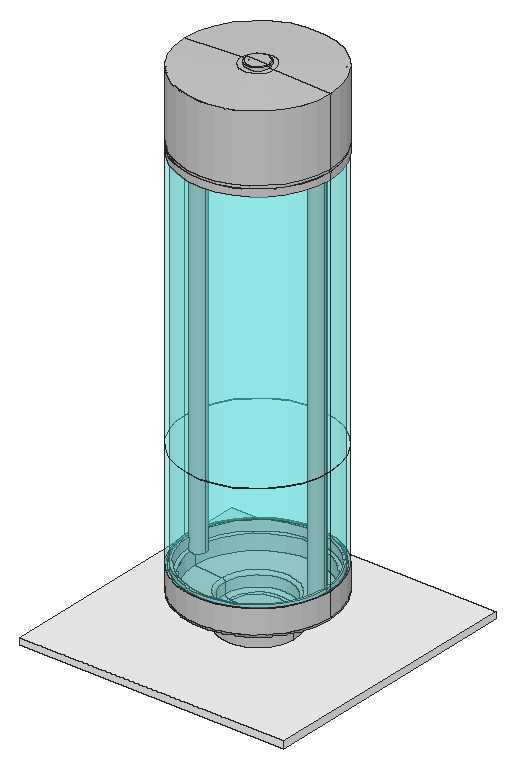
Revit family "BE_84101_de_DE", category Leuchten, Revit 2020
Family settings
  Basisbauteil = Fläche
  Bemaßung runder Anschluss = Durchmesser verwenden
  Teiletyp = Normal
  Beim Laden mit Abzugskörper schneiden = Ja
  Lichtquelle = Ja
  Gemeinsam genutzt = Nein
  Raumberechnungspunkt = Ja
Parameters (values of type "BEGA_84101_Silber_K4")
  built-in parameter 1150104 = 18.181 (stored number, unit not read)
  Wattage = 46.8 W
  Default Elevation = 0 mm
  built-in parameter 1150113 = 1 (stored number, unit not read)
  built-in parameter 1114218 = 1 (stored number, unit not read)
  Umgebungstemperatur = "25 °C"
  URL = "https://www.bega.com/de/produkt/84101"
  Typenkommentare = "© 2022 BEGA. Wir behalten uns das Recht vor, technische Änderungen ohne vorherige Ankündigung vorzunehmen."  # constant formula
  Type Image = 84101.png
  built-in parameter 1150134 = 12
  built-in parameter 1150109 = 1 (stored number, unit not read)
  Strom = ""
  built-in parameter 1150110 = 1 (stored number, unit not read)
  Spannung = 239.996 V
  Sonderanfertigung = no
  Seriennummer [instance] = "Hier können Sie die eindeutige Seriennummer für das Facility Management eintragen."
  Schutzklasse = "I"
  Schutzart = "IP 65"
  Scheinlast = 0 VA
  Produktdatenblatt = "https://cdn.bega.com/bega/products/84101K3/current/documents/data-sheets/de"
  Oberflächentemperatur = ""
  Neigungswinkel = 0.00°
  Modell = "84101AK4"
  Material_17 = BEGA_Reflektor
  Material_15 = BEGA_Leuchtmedium_matt
  Material_12 = BEGA_Kunststoff_klar
  Material_11 = BEGA_Glas_opal
  Material_09 = BEGA_Glas_klar
  Material_06 = BEGA_Oberfläche_Edelstahl_gebürstet
  Material_03 = BEGA_Oberfläche_Weiss_matt
  Material_02 = BEGA_Oberfläche_Silber_matt
  Material_01 [instance] = BEGA_Oberfläche_Grafit_matt
  M_W = no
  M_G = no
  M_A = yes
  Logo = 0
  built-in parameter 1114217 = 1 (stored number, unit not read)
  built-in parameter 1150139 = (empty or 0)
  built-in parameter 1150105 = 2707.8 (stored number, unit not read)
  built-in parameter 1150114 = 1 (stored number, unit not read)
  Lumens = 9158.76 lm
  built-in parameter 1150115 = 1 (stored number, unit not read)
  Leuchtenlichtstrom = "6459 lm"
  Leuchtenanzahl = ""
  Lebensdauerkriterien = "L70B50 @ 25 °C = 200000 h"
  Lastklassifizierung = Beleuchtung
  built-in parameter 1150112 = 1 (stored number, unit not read)
  Lampenlichtstrom = "9160 lm"
  Lampe = "LED 46.8 W"
  LED_Modulbezeichnung = "LED-0501/840"
  built-in parameter 1150142 = (empty or 0)
  Hersteller = "BEGA"  # constant formula
  Halbstreuwinkel = ""
  Gewicht = "10.0 kg"
  Gebrauchslageneinschränkung [instance] = ""
  Frequenz = "0/50-60 Hz"
  Farbwiedergabeindex = "CRI > 80"
  Farbtemperaturverschiebung bei Dämpfen der Lampe = <Keine Auswahl>
  Farbtemperatur = "4000 K"
  Color Filter = 16777215
  built-in parameter 1150133 = 10 (stored number, unit not read)
  Energieeffizienzklasse = "LED A++ - A"
  built-in parameter 1150137 = (empty or 0)
  built-in parameter 1150132 = (empty or 0)
  ENEC = "ja"
  Dimmbar [instance] = "DALI"
  Datei für fotometrisches Netz = "BE_84101K4.IES"
  CE_Konformität = "ja"
  Bestellnummer = "84101AK4"
  Beschreibung_Sonderanfertigung = "Hier können Sie Informationen zur Sonderanfertigung eintragen."
  Beschreibung = "Aufsatzleuchte"
  built-in parameter 1150106 = 27.078 (stored number, unit not read)
  Befestigungsbohrung = ""
  Befestigungsabstand = ""
  Ballwurfsicher = ""
  BEGA_Intern_aus = yes
  BEGA_Intern_an = yes
  BEGA_Intern_Konstruktion = yes
  BEGA_Intern = yes
  BEGA_IES = yes
  BEGA_Dummy = no
  Anschlussleitung = "7.0 m X05BQ-F 5 G 1 mm²"
  Anschlussleistung [instance] = "52 W"
  Anschlusskasten = ""
  built-in parameter 1150107 = 4000 (stored number, unit not read)
  built-in parameter 1150102 = (empty or 0)
  built-in parameter 1150138 = (empty or 0)
  Aktualisierung = "2022-05-19T04:00:07"
  Abstand_zur_angestrahlten_Fläche [instance] = ""
  AC/DC = "AC/DC"
Types (4, lengths in mm): name | built-in parameter 1150104 | built-in parameter 1150134 | Modell | M_G | M_A | built-in parameter 1150105 | Lumens | Leuchtenlichtstrom | Lampenlichtstrom | LED_Modulbezeichnung | built-in parameter 1150142 | Farbtemperatur | Datei für fotometrisches Netz | Bestellnummer | built-in parameter 1150106 | built-in parameter 1150107
  BEGA_84101_Silber_K3 | 17.679 (stored number, unit not read) | (empty or 0) | "84101AK3" | no | yes | 2633.1 (stored number, unit not read) | 8906.04 lm | "6279 lm" | "8905 lm" | "LED-0501/830" | (empty or 0) | "3000 K" | "BE_84101K3.IES" | "84101AK3" | 26.331 (stored number, unit not read) | 3000 (stored number, unit not read)
  BEGA_84101_Silber_K4 | 18.181 (stored number, unit not read) | 12 | "84101AK4" | no | yes | 2707.8 (stored number, unit not read) | 9158.76 lm | "6459 lm" | "9160 lm" | "LED-0501/840" | (empty or 0) | "4000 K" | "BE_84101K4.IES" | "84101AK4" | 27.078 (stored number, unit not read) | 4000 (stored number, unit not read)
  BEGA_84101_Grafit_K4 | 18.181 (stored number, unit not read) | 12 | "84101K4" | yes | no | 2707.8 (stored number, unit not read) | 9158.76 lm | "6459 lm" | "9160 lm" | "LED-0501/840" | (empty or 0) | "4000 K" | "BE_84101K4.IES" | "84101K4" | 27.078 (stored number, unit not read) | 4000 (stored number, unit not read)
  BEGA_84101_Grafit_K3 | 17.679 (stored number, unit not read) | (empty or 0) | "84101K3" | yes | no | 708.72 (stored number, unit not read) | 8906.04 lm | "6279 lm" | "8905 lm" | "LED-0501/830" | "IESNA:LM-63-1995\r\n[TEST] \r\n[MANUFAC] BEGA\r\n[MORE] Converted by LUMCat V \r\n[MORE] 01.09.2015 / H.R.\r\n[LUMCAT] \r\n[LUMINAIRE] 84101K3\r\n[LAMPCAT] LED  46,8W\r\n[LAMPCAT] LED  46,8W    6279 lm,   52 W\r\n[LAMP] LED  46,8W\r\nTILT=NONE\r\n1    6279 1.0 73 1 1 2 -0.220 0.000 0.560\r\n1.0 1.0 52\r\n   0.0   2.5   5.0   7.5  10.0  12.5  15.0  17.5  20.0  22.5  25.0  27.5  30.0\r\n  32.5  35.0  37.5  40.0  42.5  45.0  47.5  50.0  52.5  55.0  57.5  60.0  62.5\r\n  65.0  67.5  70.0  72.5  75.0  77.5  80.0  82.5  85.0  87.5  90.0  92.5  95.0\r\n  97.5 100.0 102.5 105.0 107.5 110.0 112.5 115.0 117.5 120.0 122.5 125.0 127.5\r\n 130.0 132.5 135.0 137.5 140.0 142.5 145.0 147.5 150.0 152.5 155.0 157.5 160.0\r\n 162.5 165.0 167.5 170.0 172.5 175.0 177.5 180.0\r\n   0.0\r\n       0.1       0.6       6.6      21.2      44.9     121.3     309.5     670.8\r\n     767.2     820.5     872.9     935.4     965.8    1005.0    1029.8    1036.5\r\n    1068.5    1149.6    1275.1    1391.7    1511.9    1613.2    1712.2    1801.8\r\n    1856.4    1827.2    1709.8    1532.0    1301.4    1032.9     698.6     411.5\r\n     275.0     193.0     120.4      49.6       9.5       7.2       5.7       4.6\r\n       4.0       3.5       3.1       3.1       3.0       3.0       3.0       2.9\r\n       3.0       3.1       3.2       3.3       3.6       3.9       4.2       4.5\r\n       4.7       5.0       5.4       5.7       5.9       6.0       6.1       6.0\r\n       5.7       4.9       3.8       2.6       1.4       0.5       0.1       0.0\r\n       0.0\r\n" | "3000 K" | "BE_84101K3.IES" | "84101K3" | 7.0872 (stored number, unit not read) | 3000 (stored number, unit not read)
Reference planes
  plane 1 "Mitte (Vorne/Hinten)": y = 0
  plane 2: z = 0
  plane 3 "Mitte (Links/Rechts)": x = 0
  plane 4 "Links": x = -110
  plane 5 "Rechts": x = 110
  plane 6 "Unten": y = -110
  plane 7 "Oben": y = 110
  plane 8 "Vorne": z = 766
  plane 9 "Hinten": z = -110
Forms (mm)
  Extrusion 1, solid, material "BEGA_Platte_Weiss"
    sketch origin (0, -1119.2, 0) x (1, 0, 0) y (0, 1, 0)
      loop
        line (-200, 1319.2) -> (-200, 919.2) -> (200, 919.2) -> (200, 1319.2) -> (-200, 1319.2)
    from 0 to -10
  Extrusion 2, solid, material "BEGA_Dummy_matt", visible <- "BEGA_Dummy"
    sketch origin (77.149, -76.023, 0) x (1, 0, 0) y (0, 1, 0)
      loop
        circle (-77.149, 76.023) r 110
    from 0 to 766
Dimensions and locks
  plane 1 "Mitte (Vorne/Hinten)" to Extrusion 1 = 200 mm
  aligned and locked: plane 2 to Extrusion 1
  aligned and locked: level to Extrusion 1
Nested families
  nested 1: "BE_84101" at (0, 0, 0), type "BE_84101"
Connectors
  electrical at (0, 0, 0), driven by "Lastklassifizierung", driven by "Spannung", driven by "Scheinlast"
    settings: index 1, voltage 239.996 V, apparent load 0 VA, apparent load phase1 0 VA, apparent load phase2 0 VA, apparent load phase3 0 VA, power factor 1, load classification "Beleuchtung", number of poles 1, system type 31, power factor state 1, is connector primary yes, connector utility no, sub classification motor no, connector description ""
Definition of nested family "BE_84101"
  Parameters (values of type "BE_84101")
    Default Elevation = 1 mm
    URL = "http://www.bega.de/de/produkt"
    Type Comments = "© 2015 BEGA. Wir behalten uns das Recht vor, technische Änderungen ohne vorherige Ankündigung vorzunehmen. "  # constant formula
    Type Image = (empty or 0)
    Neigungswinkel_um_Z2 = 0.00°
    Neigungswinkel_um_Z1 = 0.00°
    Neigungswinkel_um_Y2 = 0.00°
    Neigungswinkel_um_Y1 = 0.00°
    Neigungswinkel_um_X2 = 0.00°
    Neigungswinkel_um_X1 = 0.00°
    Material_17 = none
    Material_15 = none
    Material_12 = none
    Material_11 = none
    Material_09 = none
    Material_06 = none
    Material_02 = none
    Material_01 = none
    M_W = yes
    M_G = yes
    M_A = yes
    Länge_Platte = 200 mm  # constant formula
    Höhe_Platte = -10 mm  # constant formula
    Manufacturer = "BEGA"  # constant formula
    Drehwinkel_um_Z2 = 0.00°
    Drehwinkel_um_Z1 = 0.00°
    Breite_Platte = 200 mm  # constant formula
  Reference planes
    plane 1 "Mitte (Oben/Unten)": y = 0
    plane 2: z = 0
    plane 3 "Mitte (Links/Rechts)": x = 0
    plane 4 "Vorne": z = 200
    plane 5 "Rechts": x = 110
    plane 6 "Oben": y = 110
    plane 7 "Unten": y = -110
    plane 8: z = 766
    plane 9: z = -110
    plane 10: x = -110
  Forms (mm)
    Extrusion 1, solid, detail levels medium
      sketch origin (0, 0, 0) x (1, 0, 0) y (0, 1, 0)
        loop
          line (-100, 100) -> (-100, -100) -> (100, -100) -> (100, 100) -> (-100, 100)
      from 0 to -10 <- "Höhe_Platte"
    Revolve 2, solid, material <- "Material_01", visible <- "M_G"
      sketch origin (0, 0, 0) x (1, 0, 0) y (0, 0, 1)
        loop
          line (-55, -110) -> (-40.094, -110) -> (-38.75, 0) -> (-33, 0) -> (-32.511, 14) -> (-12.105, 14) -> (-12, 11) -> (0, 11) -> (0, 19) -> (-40.719, 19) -> (-44.656, 19)
          arc (-44.656, 19) -> (-48.107, 20.382) -> (-49.651, 23.763) r 5
          line (-49.651, 23.763) -> (-49.921, 39.268)
          arc (-49.921, 39.268) -> (-51.264, 42.591) -> (-54.485, 44.162) r 5
          line (-54.485, 44.162) -> (-95.122, 47.717) -> (-95.4, 70.5) -> (-101.5, 70.5) -> (-101.753, 85) -> (-104.5, 85) -> (-104.5, 76.5) -> (-108.25, 76.5) -> (-108.25, 83) -> (-110, 83) -> (-110, 47.657)
          arc (-110, 47.657) -> (-108.946, 44.96) -> (-106.349, 43.681) r 4
          line (-106.349, 43.681) -> (-58.651, 39.508)
          arc (-58.651, 39.508) -> (-56.054, 38.228) -> (-55, 35.531) r 4
          line (-55, 35.531) -> (-55, -110)
        axis (0, -110) -> (0, 85)
      angle from 0 to 360
    Revolve 3, solid, material <- "Material_12"
      sketch origin (0, 0, 0) x (1, 0, 0) y (0, 0, 1)
        loop
          line (-110, 245.248) -> (-110, 83) -> (-107.5, 83) -> (-107.5, 78.549) -> (-105, 78.549) -> (-105, 648.755) -> (-107.5, 648.755) -> (-107.5, 642.636) -> (-110, 642.636) -> (-110, 245.248)
        axis (0, 648.755) -> (0, 78.549)
      angle from 0 to 360
    Revolve 4, solid, material <- "Material_01", visible <- "M_G"
      sketch origin (0, 0, 144.898) x (1, 0, 0) y (0, 0, 1)
        loop
          line (-109, 507.739) -> (-110, 507.739) -> (-110, 497.739) -> (-108.25, 497.739) -> (-108.25, 504.239) -> (-104.45, 504.239) -> (-104.45, 495.239) -> (-99.017, 495.239) -> (-97.568, 536.739) -> (-16.755, 536.739) -> (-10.319, 573.239) -> (0, 573.239) -> (0, 586.739) -> (-12, 586.739) -> (-19.758, 542.739) -> (-98.284, 542.739) -> (-100.64, 542.739)
          arc (-100.64, 542.739) -> (-102.686, 541.933) -> (-103.632, 539.948) r 3
          line (-103.632, 539.948) -> (-104.5, 527.54) -> (-104.5, 512.739) -> (-109, 512.739) -> (-109, 507.739)
        axis (0, 495.239) -> (0, 586.739)
      angle from 0 to 360
    Revolve 5, solid, material <- "Material_01", visible <- "M_G"
      sketch origin (0, 0, 144.898) x (1, 0, 0) y (0, 0, 1)
        loop
          line (-110, 613.434) -> (-110, 512.739) -> (-108.6, 512.739) -> (-105, 516.339) -> (-105, 609.606) -> (-24.93, 612.402) -> (-13.002, 612.402)
          arc (-13.002, 612.402) -> (-9.467, 613.867) -> (-8.002, 617.402) r 5
          line (-8.002, 617.402) -> (-8, 618.402) -> (-10, 618.402) -> (-10, 616.402) -> (-25, 616.402) -> (-110, 613.434)
        axis (0, 512.739) -> (0, 618.402)
      angle from 0 to 360
    Revolve 6, solid, material <- "Material_06"
      sketch origin (0, 0, 144.898) x (1, 0, 0) y (0, 0, 1)
        loop
          line (0, 621.102) -> (-16.5, 621.102) -> (-17.5, 620.102) -> (-17.5, 616.602) -> (-11, 616.602) -> (-11, 619.302) -> (-7.5, 619.302) -> (-7.5, 592.902) -> (0, 592.902) -> (0, 621.102)
        axis (0, 621.102) -> (0, 592.902)
      angle from 0 to 360
    Revolve 7, solid, material <- "Material_17"
      sketch origin (0, 0, 0) x (1, 0, 0) y (0, 0, 1)
        loop
          line (-80.782, 672.637) -> (-81, 677.636) -> (-81.999, 677.593) -> (-81.78, 672.572)
          arc (-81.78, 672.572) -> (-78.254, 657.27) -> (-70.619, 643.549) r 56
          arc (-70.619, 643.549) -> (-70.439, 641.645) -> (-72.063, 640.636) r 1.816
          line (-72.063, 640.636) -> (-83, 640.636) -> (-83, 639.636) -> (-72.062, 639.636)
          arc (-72.062, 639.636) -> (-69.543, 641.201) -> (-69.822, 644.153) r 2.816
          arc (-69.822, 644.153) -> (-77.317, 657.619) -> (-80.782, 672.637) r 55
        axis (0, 639.636) -> (0, 677.636)
      angle from 0 to 360
    Revolve 8, solid, material <- "Material_15"
      sketch origin (0, 0, 0) x (1, 0, 0) y (0, 0, 1)
        loop
          line (-72.75, 679.836) -> (-72.75, 679.043) -> (-67.318, 679.043) -> (-67.318, 679.836) -> (-72.75, 679.836)
        axis (0, 679.043) -> (0, 680.043)
      angle from 0 to 360
    Extrusion 9, solid, material <- "Material_06"
      sketch origin (0, 0, 0) x (1, 0, 0) y (0, 1, 0)
        loop
          circle (-90, 0) r 11.038
        loop
          circle (90, 0) r 11.038
      from 70.5 to 639.636
    Revolve 10, solid, material <- "Material_02", visible <- "M_A"
      sketch origin (0, 0, 0) x (1, 0, 0) y (0, 0, 1)
        loop
          line (-55, -110) -> (-40.094, -110) -> (-38.75, 0) -> (-33, 0) -> (-32.511, 14) -> (-12.105, 14) -> (-12, 11) -> (0, 11) -> (0, 19) -> (-40.719, 19) -> (-44.656, 19)
          arc (-44.656, 19) -> (-48.107, 20.382) -> (-49.651, 23.763) r 5
          line (-49.651, 23.763) -> (-49.921, 39.268)
          arc (-49.921, 39.268) -> (-51.264, 42.591) -> (-54.485, 44.162) r 5
          line (-54.485, 44.162) -> (-95.122, 47.717) -> (-95.4, 70.5) -> (-101.5, 70.5) -> (-101.753, 85) -> (-104.5, 85) -> (-104.5, 76.5) -> (-108.25, 76.5) -> (-108.25, 83) -> (-110, 83) -> (-110, 47.657)
          arc (-110, 47.657) -> (-108.946, 44.96) -> (-106.349, 43.681) r 4
          line (-106.349, 43.681) -> (-58.651, 39.508)
          arc (-58.651, 39.508) -> (-56.054, 38.228) -> (-55, 35.531) r 4
          line (-55, 35.531) -> (-55, -110)
        axis (0, -110) -> (0, 85)
      angle from 0 to 360
    Revolve 11, solid, material <- "Material_02", visible <- "M_A"
      sketch origin (0, 0, 144.898) x (1, 0, 0) y (0, 0, 1)
        loop
          line (-109, 507.739) -> (-110, 507.739) -> (-110, 497.739) -> (-108.25, 497.739) -> (-108.25, 504.239) -> (-104.45, 504.239) -> (-104.45, 495.239) -> (-99.017, 495.239) -> (-97.568, 536.739) -> (-16.755, 536.739) -> (-10.319, 573.239) -> (0, 573.239) -> (0, 586.739) -> (-12, 586.739) -> (-19.758, 542.739) -> (-98.284, 542.739) -> (-100.64, 542.739)
          arc (-100.64, 542.739) -> (-102.686, 541.933) -> (-103.632, 539.948) r 3
          line (-103.632, 539.948) -> (-104.5, 527.54) -> (-104.5, 512.739) -> (-109, 512.739) -> (-109, 507.739)
        axis (0, 495.239) -> (0, 586.739)
      angle from 0 to 360
    Revolve 12, solid, material <- "Material_02", visible <- "M_A"
      sketch origin (0, 0, 144.898) x (1, 0, 0) y (0, 0, 1)
        loop
          line (-110, 613.434) -> (-110, 512.739) -> (-108.6, 512.739) -> (-105, 516.339) -> (-105, 609.606) -> (-24.93, 612.402) -> (-13.002, 612.402)
          arc (-13.002, 612.402) -> (-9.467, 613.867) -> (-8.002, 617.402) r 5
          line (-8.002, 617.402) -> (-8, 618.402) -> (-10, 618.402) -> (-10, 616.402) -> (-25, 616.402) -> (-110, 613.434)
        axis (0, 512.739) -> (0, 618.402)
      angle from 0 to 360
    Extrusion 13, void
      sketch origin (0, 0, 0) x (0, 1, 0) y (0, 0, 1)
        loop
          circle (0, -30) r 4.2
        loop
          circle (0, -90) r 4.2
      from 29.895 to 64.479
    Extrusion 14, void
      sketch origin (0.027, 0.026, 0) x (0.866025, -0.5, 0) y (0, 0, 1)
        loop
          circle (0, -30) r 4.2
        loop
          circle (0, -90) r 4.2
      from 29.895 to 64.479
    Extrusion 15, void
      sketch origin (0.027, -0.026, 0) x (-0.866025, -0.5, 0) y (0, 0, 1)
        loop
          circle (0, -30) r 4.2
        loop
          circle (0, -90) r 4.2
      from 29.895 to 64.479
  Cuts and joins
    Extrusion 13, Extrusion 14, Extrusion 15 cuts Revolve 2
    Extrusion 13, Extrusion 14, Extrusion 15 cuts Revolve 10
  Dimensions and locks
    equal spacing: Extrusion 1 sketch curve, plane 3 "Mitte (Links/Rechts)", Extrusion 1 sketch curve
    equal spacing: Extrusion 1 sketch curve, plane 1 "Mitte (Oben/Unten)", Extrusion 1 sketch curve
    "Länge_Platte": Extrusion 1 sketch curve to Extrusion 1 sketch curve
    "Breite_Platte": Extrusion 1 sketch curve to Extrusion 1 sketch curve
    aligned and locked: plane 2 to Extrusion 1
    aligned and locked: level to Extrusion 1
  Automatic sketch dimensions
    Revolve 2 sketch curve to level = 0 mm
    Revolve 2 sketch curve to plane 3 "Mitte (Links/Rechts)" = 0 mm  (x2)
    Revolve 2 sketch curve to plane 3 "Mitte (Links/Rechts)" = 12 mm
    Revolve 2 sketch curve to Revolve 2 sketch curve = 0.105 mm
    Revolve 2 sketch curve to Revolve 2 sketch curve = 20.406 mm
    Revolve 2 sketch curve to Revolve 2 sketch curve = 0.489 mm
    Revolve 2 sketch curve to Revolve 2 sketch curve = 5.75 mm
    Revolve 2 sketch curve to plane 3 "Mitte (Links/Rechts)" = 40.094 mm
    Revolve 2 sketch curve to Revolve 2 sketch curve = 12.145 mm
    level to Revolve 2 sketch curve = 23.763 mm
    Revolve 2 sketch curve to Revolve 2 sketch curve = 4.994 mm
    Revolve 2 sketch curve to Revolve 2 sketch curve = 5.27 mm
    Revolve 2 sketch curve to Revolve 2 sketch curve = 0.079 mm
    Revolve 2 sketch curve to Revolve 2 sketch curve = 4 mm  (x2)
    Revolve 2 sketch curve to Revolve 2 sketch curve = 36.122 mm
    Revolve 2 sketch curve to Revolve 2 sketch curve = 0.278 mm
    Revolve 2 sketch curve to Revolve 2 sketch curve = 6.1 mm
    Revolve 2 sketch curve to Revolve 2 sketch curve = 0.253 mm
    Revolve 2 sketch curve to Revolve 2 sketch curve = 3 mm  (x2)
    Revolve 2 sketch curve to Revolve 2 sketch curve = 10.878 mm
    Revolve 2 sketch curve to Revolve 2 sketch curve = 3.75 mm
    level to Revolve 2 sketch curve = 11 mm
    Revolve 2 sketch curve to Revolve 2 sketch curve = 4.763 mm
    Revolve 2 sketch curve to Revolve 2 sketch curve = 8 mm
    Revolve 2 sketch curve to Revolve 2 sketch curve = 11.76 mm
    Revolve 2 sketch curve to Revolve 2 sketch curve = 0.008 mm  (x2)
    Revolve 2 sketch curve to Revolve 2 sketch curve = 3.65 mm
    level to Revolve 2 sketch curve = 47.657 mm
    Revolve 2 sketch curve to Revolve 2 sketch curve = 0.052 mm
    Revolve 2 sketch curve to Revolve 2 sketch curve = 22.783 mm
    Revolve 2 sketch curve to Revolve 2 sketch curve = 6 mm
    Revolve 2 sketch curve to Revolve 2 sketch curve = 6.5 mm
    Revolve 2 sketch curve to Revolve 2 sketch curve = 2 mm
    Revolve 2 sketch curve to Revolve 2 sketch curve = 3.937 mm
    Revolve 2 sketch curve to Revolve 2 sketch curve = 0 mm  (x8)
    Revolve 2 sketch curve to Revolve 2 sketch curve = 4.999 mm
    Revolve 2 sketch curve to Revolve 2 sketch curve = 0.436 mm
    Revolve 2 sketch curve to Revolve 2 sketch curve = 3.731 mm
    Revolve 2 sketch curve to Revolve 2 sketch curve = 0.349 mm
    level to Revolve 2 sketch curve = 43.681 mm
    Revolve 2 sketch curve to Revolve 2 sketch curve = 0.087 mm
    Revolve 2 sketch curve to Revolve 2 sketch curve = 50 mm
    Revolve 2 sketch curve to Revolve 2 sketch curve = 7.5 mm
    Revolve 3 sketch curve to plane 3 "Mitte (Links/Rechts)" = 0 mm
    Revolve 3 sketch curve to Revolve 3 sketch curve = 2.5 mm  (x2)
    level to Revolve 3 sketch curve = 78.549 mm
    Revolve 3 sketch curve to Revolve 3 sketch curve = 4.451 mm
    plane 4 "Vorne" to Revolve 3 sketch curve = 45.248 mm
    Revolve 3 sketch curve to Revolve 3 sketch curve = 397.388 mm
    Revolve 3 sketch curve to Revolve 3 sketch curve = 6.119 mm
    Revolve 3 sketch curve to Revolve 3 sketch curve = 214.414 mm
    Revolve 3 sketch curve to Revolve 3 sketch curve = 35 mm
    Revolve 4 sketch curve to plane 3 "Mitte (Links/Rechts)" = 0 mm  (x2)
    Revolve 4 sketch curve to Revolve 4 sketch curve = 10.319 mm
    Revolve 4 sketch curve to Revolve 4 sketch curve = 12 mm
    Revolve 4 sketch curve to plane 3 "Mitte (Links/Rechts)" = 16.755 mm
    Revolve 4 sketch curve to Revolve 4 sketch curve = 3.004 mm
    Revolve 4 sketch curve to Revolve 4 sketch curve = 77.81 mm
    Revolve 4 sketch curve to Revolve 4 sketch curve = 0.716 mm
    Revolve 4 sketch curve to Revolve 4 sketch curve = 1.449 mm
    Revolve 4 sketch curve to Revolve 4 sketch curve = 2.355 mm  (x2)
    Revolve 4 sketch curve to Revolve 4 sketch curve = 2.993 mm
    Revolve 4 sketch curve to Revolve 4 sketch curve = 5.433 mm
    Revolve 4 sketch curve to Revolve 4 sketch curve = 6.932 mm
    Revolve 4 sketch curve to Revolve 4 sketch curve = 3.8 mm
    Revolve 4 sketch curve to Revolve 4 sketch curve = 4.5 mm
    Revolve 4 sketch curve to Revolve 4 sketch curve = 1.75 mm
    plane 4 "Vorne" to Revolve 4 sketch curve = 440.136 mm
    Revolve 4 sketch curve to Revolve 4 sketch curve = 2.5 mm
    Revolve 4 sketch curve to Revolve 4 sketch curve = 6.5 mm
    Revolve 4 sketch curve to Revolve 4 sketch curve = 3.5 mm
    Revolve 4 sketch curve to Revolve 4 sketch curve = 5 mm
    Revolve 4 sketch curve to Revolve 4 sketch curve = 14.801 mm
    Revolve 4 sketch curve to Revolve 4 sketch curve = 9.199 mm
    Revolve 4 sketch curve to Revolve 4 sketch curve = 3 mm
    Revolve 4 sketch curve to Revolve 4 sketch curve = 0.209 mm
    Revolve 4 sketch curve to Revolve 4 sketch curve = 0 mm  (x2)
    Revolve 4 sketch curve to Revolve 4 sketch curve = 30.5 mm
    Revolve 4 sketch curve to Revolve 4 sketch curve = 13.5 mm
    Revolve 4 sketch curve to Revolve 4 sketch curve = 20.5 mm
    Revolve 4 sketch curve to Revolve 4 sketch curve = 10 mm
    Revolve 5 sketch curve to plane 3 "Mitte (Links/Rechts)" = 0 mm
    Revolve 5 sketch curve to plane 3 "Mitte (Links/Rechts)" = 8 mm
    Revolve 5 sketch curve to Revolve 5 sketch curve = 2 mm  (x2)
    Revolve 5 sketch curve to Revolve 5 sketch curve = 3.002 mm
    Revolve 5 sketch curve to Revolve 5 sketch curve = 11.928 mm
    Revolve 5 sketch curve to Revolve 5 sketch curve = 0.07 mm
    Revolve 5 sketch curve to Revolve 5 sketch curve = 3.6 mm  (x2)
    Revolve 5 sketch curve to Revolve 5 sketch curve = 5 mm  (x2)
    plane 4 "Vorne" to Revolve 5 sketch curve = 457.636 mm
    Revolve 5 sketch curve to Revolve 5 sketch curve = 93.267 mm
    Revolve 5 sketch curve to Revolve 5 sketch curve = 2.796 mm
    Revolve 5 sketch curve to Revolve 5 sketch curve = 3.828 mm
    Revolve 5 sketch curve to Revolve 5 sketch curve = 4 mm
    Revolve 5 sketch curve to Revolve 5 sketch curve = 1 mm  (x2)
    Revolve 5 sketch curve to Revolve 5 sketch curve = 8.6 mm
    Revolve 5 sketch curve to Revolve 5 sketch curve = 0 mm
    Revolve 6 sketch curve to Revolve 6 sketch curve = 1 mm  (x2)
    plane 4 "Vorne" to Revolve 6 sketch curve = 565 mm
    Revolve 6 sketch curve to Revolve 6 sketch curve = 6.5 mm
    Revolve 6 sketch curve to Revolve 6 sketch curve = 3.5 mm
    Revolve 6 sketch curve to Revolve 6 sketch curve = 2.7 mm
    Revolve 6 sketch curve to Revolve 6 sketch curve = 23.7 mm
    Revolve 6 sketch curve to plane 3 "Mitte (Links/Rechts)" = 0 mm
    Revolve 6 sketch curve to Revolve 6 sketch curve = 1.8 mm
    Revolve 6 sketch curve to Revolve 6 sketch curve = 7.5 mm
    Revolve 7 sketch curve to Revolve 7 sketch curve = 0 mm  (x6)
    Revolve 7 sketch curve to plane 3 "Mitte (Links/Rechts)" = 0 mm
    Revolve 7 sketch curve to plane 3 "Mitte (Links/Rechts)" = 25.986 mm
    Revolve 7 sketch curve to Revolve 7 sketch curve = 46.077 mm
    Revolve 7 sketch curve to Revolve 7 sketch curve = 0.001 mm
    Revolve 7 sketch curve to Revolve 7 sketch curve = 0.003 mm
    Revolve 7 sketch curve to Revolve 7 sketch curve = 8.716 mm
    Revolve 7 sketch curve to Revolve 7 sketch curve = 0.218 mm
    Revolve 7 sketch curve to Revolve 7 sketch curve = 0.998 mm
    Revolve 7 sketch curve to Revolve 7 sketch curve = 0.999 mm
    Revolve 7 sketch curve to Revolve 7 sketch curve = 10.937 mm
    Revolve 7 sketch curve to plane 8 = 126.364 mm
    Revolve 7 sketch curve to Revolve 7 sketch curve = 1 mm
    Revolve 7 sketch curve to Revolve 7 sketch curve = 1.816 mm
    Revolve 7 sketch curve to Revolve 7 sketch curve = 30.12 mm
    Revolve 7 sketch curve to Revolve 7 sketch curve = 0.065 mm
    Revolve 7 sketch curve to Revolve 7 sketch curve = 4.734 mm
    Revolve 7 sketch curve to Revolve 7 sketch curve = 5.021 mm
    Revolve 7 sketch curve to Revolve 7 sketch curve = 0.044 mm
    Revolve 7 sketch curve to Revolve 7 sketch curve = 2.244 mm
    Revolve 7 sketch curve to Revolve 7 sketch curve = 0.797 mm
    Revolve 7 sketch curve to Revolve 7 sketch curve = 19.442 mm
    Revolve 7 sketch curve to Revolve 7 sketch curve = 10 mm
    Revolve 8 sketch curve to plane 3 "Mitte (Links/Rechts)" = 0 mm
    Revolve 8 sketch curve to plane 3 "Mitte (Links/Rechts)" = 67.318 mm
    Revolve 8 sketch curve to Revolve 8 sketch curve = 5.432 mm
    Revolve 8 sketch curve to plane 8 = 86.957 mm
    Revolve 8 sketch curve to Revolve 8 sketch curve = 0.793 mm
    Revolve 8 sketch curve to Revolve 8 sketch curve = 13.046 mm
    Revolve 8 sketch curve to Revolve 8 sketch curve = 10 mm
    plane 1 "Mitte (Oben/Unten)" to Extrusion 9 sketch curve = 0 mm  (x2)
    Extrusion 9 sketch curve to plane 3 "Mitte (Links/Rechts)" = 90 mm
    plane 3 "Mitte (Links/Rechts)" to Extrusion 9 sketch curve = 90 mm
    Revolve 10 sketch curve to level = 0 mm
    Revolve 10 sketch curve to plane 3 "Mitte (Links/Rechts)" = 0 mm  (x2)
    Revolve 10 sketch curve to plane 3 "Mitte (Links/Rechts)" = 12 mm
    Revolve 10 sketch curve to Revolve 10 sketch curve = 0.105 mm
    Revolve 10 sketch curve to Revolve 10 sketch curve = 20.406 mm
    Revolve 10 sketch curve to Revolve 10 sketch curve = 0.489 mm
    Revolve 10 sketch curve to Revolve 10 sketch curve = 5.75 mm
    Revolve 10 sketch curve to plane 3 "Mitte (Links/Rechts)" = 40.094 mm
    Revolve 10 sketch curve to Revolve 10 sketch curve = 12.145 mm
    level to Revolve 10 sketch curve = 23.763 mm
    Revolve 10 sketch curve to Revolve 10 sketch curve = 4.994 mm
    Revolve 10 sketch curve to Revolve 10 sketch curve = 5.27 mm
    Revolve 10 sketch curve to Revolve 10 sketch curve = 0.079 mm
    Revolve 10 sketch curve to Revolve 10 sketch curve = 4 mm  (x2)
    Revolve 10 sketch curve to Revolve 10 sketch curve = 36.122 mm
    Revolve 10 sketch curve to Revolve 10 sketch curve = 0.278 mm
    Revolve 10 sketch curve to Revolve 10 sketch curve = 6.1 mm
    Revolve 10 sketch curve to Revolve 10 sketch curve = 0.253 mm
    Revolve 10 sketch curve to Revolve 10 sketch curve = 3 mm  (x2)
    Revolve 10 sketch curve to Revolve 10 sketch curve = 10.878 mm
    Revolve 10 sketch curve to Revolve 10 sketch curve = 3.75 mm
    level to Revolve 10 sketch curve = 11 mm
    Revolve 10 sketch curve to Revolve 10 sketch curve = 4.763 mm
    Revolve 10 sketch curve to Revolve 10 sketch curve = 8 mm
    Revolve 10 sketch curve to Revolve 10 sketch curve = 11.76 mm
    Revolve 10 sketch curve to Revolve 10 sketch curve = 0.008 mm  (x2)
    Revolve 10 sketch curve to Revolve 10 sketch curve = 3.65 mm
    level to Revolve 10 sketch curve = 47.657 mm
    Revolve 10 sketch curve to Revolve 10 sketch curve = 0.052 mm
    Revolve 10 sketch curve to Revolve 10 sketch curve = 22.783 mm
    Revolve 10 sketch curve to Revolve 10 sketch curve = 6 mm
    Revolve 10 sketch curve to Revolve 10 sketch curve = 6.5 mm
    Revolve 10 sketch curve to Revolve 10 sketch curve = 2 mm
    Revolve 10 sketch curve to Revolve 10 sketch curve = 3.937 mm
    Revolve 10 sketch curve to Revolve 10 sketch curve = 0 mm  (x8)
    Revolve 10 sketch curve to Revolve 10 sketch curve = 4.999 mm
    Revolve 10 sketch curve to Revolve 10 sketch curve = 0.436 mm
    Revolve 10 sketch curve to Revolve 10 sketch curve = 3.731 mm
    Revolve 10 sketch curve to Revolve 10 sketch curve = 0.349 mm
    level to Revolve 10 sketch curve = 43.681 mm
    Revolve 10 sketch curve to Revolve 10 sketch curve = 0.087 mm
    Revolve 10 sketch curve to Revolve 10 sketch curve = 50 mm
    Revolve 10 sketch curve to Revolve 10 sketch curve = 7.5 mm
    Revolve 11 sketch curve to plane 3 "Mitte (Links/Rechts)" = 0 mm  (x2)
    Revolve 11 sketch curve to Revolve 11 sketch curve = 10.319 mm
    Revolve 11 sketch curve to Revolve 11 sketch curve = 12 mm
    Revolve 11 sketch curve to plane 3 "Mitte (Links/Rechts)" = 16.755 mm
    Revolve 11 sketch curve to Revolve 11 sketch curve = 3.004 mm
    Revolve 11 sketch curve to Revolve 11 sketch curve = 77.81 mm
    Revolve 11 sketch curve to Revolve 11 sketch curve = 0.716 mm
    Revolve 11 sketch curve to Revolve 11 sketch curve = 1.449 mm
    Revolve 11 sketch curve to Revolve 11 sketch curve = 2.355 mm  (x2)
    Revolve 11 sketch curve to Revolve 11 sketch curve = 2.993 mm
    Revolve 11 sketch curve to Revolve 11 sketch curve = 5.433 mm
    Revolve 11 sketch curve to Revolve 11 sketch curve = 6.932 mm
    Revolve 11 sketch curve to Revolve 11 sketch curve = 3.8 mm
    Revolve 11 sketch curve to Revolve 11 sketch curve = 4.5 mm
    Revolve 11 sketch curve to Revolve 11 sketch curve = 1.75 mm
    Revolve 11 sketch curve to plane 8 = 125.864 mm
    Revolve 11 sketch curve to Revolve 11 sketch curve = 2.5 mm
    Revolve 11 sketch curve to Revolve 11 sketch curve = 6.5 mm
    Revolve 11 sketch curve to Revolve 11 sketch curve = 3.5 mm
    Revolve 11 sketch curve to Revolve 11 sketch curve = 5 mm
    Revolve 11 sketch curve to Revolve 11 sketch curve = 14.801 mm
    Revolve 11 sketch curve to Revolve 11 sketch curve = 9.199 mm
    Revolve 11 sketch curve to Revolve 11 sketch curve = 3 mm
    Revolve 11 sketch curve to Revolve 11 sketch curve = 0.209 mm
    Revolve 11 sketch curve to Revolve 11 sketch curve = 0 mm  (x2)
    Revolve 11 sketch curve to Revolve 11 sketch curve = 30.5 mm
    Revolve 11 sketch curve to Revolve 11 sketch curve = 13.5 mm
    Revolve 11 sketch curve to Revolve 11 sketch curve = 20.5 mm
    Revolve 11 sketch curve to Revolve 11 sketch curve = 10 mm
    Revolve 12 sketch curve to plane 3 "Mitte (Links/Rechts)" = 0 mm
    Revolve 12 sketch curve to plane 8 = 2.7 mm
    Revolve 12 sketch curve to plane 3 "Mitte (Links/Rechts)" = 8 mm
    Revolve 12 sketch curve to Revolve 12 sketch curve = 2 mm
    Revolve 12 sketch curve to Revolve 12 sketch curve = 3.002 mm
    Revolve 12 sketch curve to plane 8 = 8.7 mm
    Revolve 12 sketch curve to Revolve 12 sketch curve = 11.928 mm
    Revolve 12 sketch curve to plane 8 = 4.7 mm
    Revolve 12 sketch curve to Revolve 12 sketch curve = 0.07 mm
    Revolve 12 sketch curve to Revolve 12 sketch curve = 3.6 mm  (x2)
    Revolve 12 sketch curve to Revolve 12 sketch curve = 5 mm  (x2)
    Revolve 12 sketch curve to plane 8 = 11.496 mm
    Revolve 12 sketch curve to Revolve 12 sketch curve = 93.267 mm
    Revolve 12 sketch curve to Revolve 12 sketch curve = 3.828 mm
    Revolve 12 sketch curve to Revolve 12 sketch curve = 1 mm  (x2)
    Revolve 12 sketch curve to Revolve 12 sketch curve = 99.664 mm
    Revolve 12 sketch curve to Revolve 12 sketch curve = 0 mm
    Extrusion 13 sketch curve to Extrusion 13 sketch curve = 0 mm
    Extrusion 13 sketch curve to Extrusion 13 sketch curve = 60 mm
    Extrusion 14 sketch curve to Extrusion 14 sketch curve = 0 mm
    Extrusion 14 sketch curve to Extrusion 14 sketch curve = 60 mm
    Extrusion 15 sketch curve to Extrusion 15 sketch curve = 0 mm
    Extrusion 15 sketch curve to Extrusion 15 sketch curve = 60 mm
    Revolve 3 sketch curve to plane 3 "Mitte (Links/Rechts)" = 105 mm
    Revolve 3 sketch curve to plane 3 "Mitte (Links/Rechts)" = 110 mm
    Revolve 5 sketch curve to plane 3 "Mitte (Links/Rechts)" = 105 mm
    Revolve 12 sketch curve to plane 3 "Mitte (Links/Rechts)" = 105 mm
    Revolve 2 sketch curve to level = 110 mm
    Revolve 10 sketch curve to level = 110 mm
    radius of Extrusion 9 sketch curve = 11.038 mm  (x2)
    radius of Extrusion 13 sketch curve = 4.2 mm  (x2)
    radius of Extrusion 14 sketch curve = 4.2 mm  (x2)
    radius of Extrusion 15 sketch curve = 4.2 mm  (x2)
